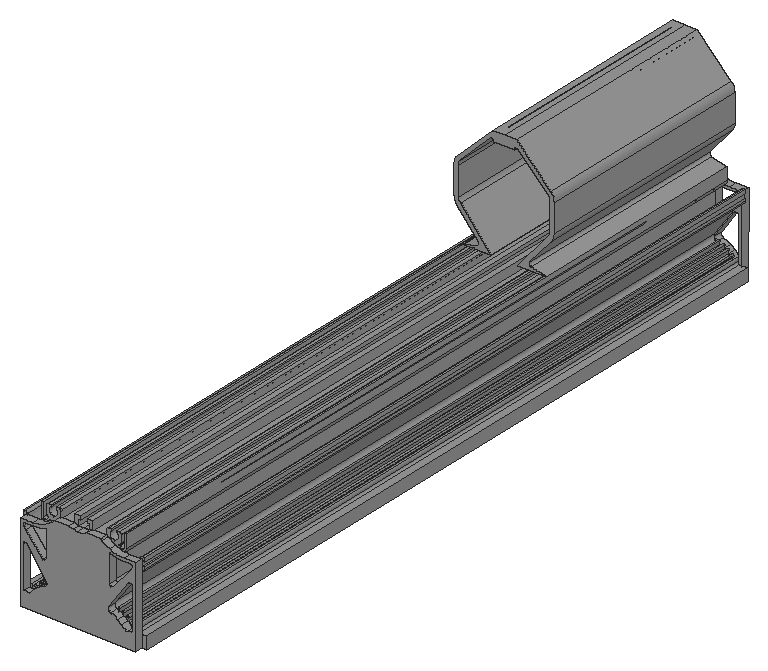
Revit family "L-street 24 Standart", category Осветительные приборы, Revit 2017 (continued)
Types (7, lengths in mm): name | built-in parameter 1150134 | Файл фотометрической сетки | built-in parameter 1150105 | Lumens | built-in parameter 1150106 | built-in parameter 1150142 | Wattage | built-in parameter 1150107 | Артикул
    5.5 180.5 162.1 139.5 116 95.4 81.2 71.4 64.5 58.7 52.6 47.6 44.1 42 40.5 39.4 38.3 37.2 35.9 34.6 33.2 31.7 30.3 28.8 27.5 26.4 25.5 24.9 24.6 24.5 24.4 24.3 24.2 23.9 23.2 22.2 20.9 19.6 18.3 17.1 15.9 14.7 13.7 12.8 11.8 10.8 9.9 8.8 7.8 6.7 5.7 4.6 3.5 2.8 2.5 2.2 2.1 1.9 1.9\r\n328.9 328.8 328 326.8 325.6 323.9 321.9 319.6 317 314.2 311.4 308.7 305.8 302.6 299 294.5 289.6 284.3 279.2 274.1 269.9 266.3 263.1 259.5 255.2 249.8 244 237.6 230.5 222.2 213.2 202.5 190.1 174.5 155.5 132.5 109.6 90.7 78 69.1 62.8 57 50.9 46.2 43.3 41.5 40.3 39.3 38.3 37.1 36 34.8 33.6 31.9 30.3 28.9 27.7 26.6 25.9 25.5 25.4 25.6 25.5 25.2 24.9 24.4 23.8 22.8 21.6 20.2 18.7 17.4 16.1 15 14.1 13.3 12.3 11.2 10.2 9 8 6.9 6 5.1 3.8 3 2.5 2.2 2.1 1.9 1.9\r\n328.9 328.9 328.2 327.1 325.7 324 322.1 319.8 317.3 314.4 311.6 308.9 305.9 302.7 299 294.5 289.5 284.1 278.8 273.5 269 265.2 261.9 258.1 253.6 248.1 242.1 235.5 228.2 219.8 210.5 199.7 186.9 170.9 151.6 128.7 106.5 88.7 77 68.5 62.4 56.6 50.7 46.1 43.2 41.6 40.4 39.5 38.4 37.3 36.1 35 33.7 32 30.4 29 27.9 27 26.4 26.2 26.3 26.2 25.7 25.3 24.9 24.5 23.9 23 21.7 20.3 18.8 17.4 16.1 15.1 14.2 13.3 12.2 11.2 10.1 8.9 7.8 6.6 5.5 4.6 3.7 3 2.6 2.2 2.1 1.9 1.9\r\n328.9 328.9 328.4 327.3 325.8 324.1 322.3 320 317.5 314.7 311.9 309.1 306.1 302.8 299 294.4 289.4 283.8 278.3 272.9 268.2 264.1 260.6 256.7 252 246.4 240.3 233.4 226 217.4 207.9 196.8 183.7 167.4 147.8 124.9 103.3 86.7 75.9 67.9 62 56.3 50.4 46 43.1 41.6 40.5 39.7 38.5 37.5 36.3 35.3 33.8 32.1 30.5 29.2 28.1 27.3 26.9 27 27.1 26.8 26 25.4 25 24.6 24 23.1 21.9 20.4 18.9 17.3 16.1 15.2 14.2 13.2 12.2 11.1 9.9 8.8 7.7 6.3 5 4.1 3.5 3 2.6 2.3 2.1 1.9 1.9\r\n328.9 328.8 328 326.9 325.4 323.7 321.8 319.4 316.9 314 311.2 308.4 305.4 302 298.2 293.5 288.4 282.7 277.2 271.7 267 263.1 259.6 255.6 250.7 244.9 238.7 231.9 224.4 215.9 206.4 195.2 181.8 165.1 144.9 121.7 100.3 84.5 74.4 66.8 61 55.1 49.4 45.3 42.7 41.4 40.3 39.4 38.3 37.2 36.1 35 33.4 31.6 30.1 28.9 27.8 27.2 27 27.1 27.1 26.6 25.8 25.2 24.9 24.6 23.9 23 21.8 20.3 18.7 17.2 15.9 14.9 14 13.1 12 11 9.7 8.5 7.3 6.1 4.7 4 3.4 2.9 2.5 2.2 2.1 2 1.9\r\n328.9 328.5 327.5 326.2 324.6 322.9 320.9 318.6 316 313 310.4 307.9 305.3 302.1 298.2 293.2 287.9 282 276.4 270.7 265.6 261.1 257.3 253.3 249.2 244.1 238.7 232.6 225.9 218.2 209.8 200.4 190.6 178.9 165.2 148.6 130 110.3 93 79.2 69.6 62.4 56.1 49.4 44.1 41.6 40.4 39.7 39 38.2 37.2 36.2 35.2 33.6 31.9 30.4 29.1 28.1 27.3 27 26.9 26.7 26.1 25.2 24.6 24.3 24 23.3 22.2 20.7 19.3 17.8 16.4 15 13.8 13 12.1 11.1 10.2 9.1 8 6.9 5.8 4.8 4.2 3.6 3.2 3 2.7 2.6 2.5\r\n328.9 328.4 327.3 326 324.3 322.5 320.5 318.1 315.4 312.5 309.9 307.4 304.6 301.3 297.2 292.3 287 281.2 275.6 270.1 265.1 260.7 256.8 252.8 248.4 243.2 237.7 231.4 224.4 216.4 207.8 198.1 187.8 175.4 161 143.6 124.8 105.8 89.4 76.7 67.7 60.5 54.2 47.9 43.5 41.4 40.3 39.7 39 38.1 37.2 36.1 35 33.4 31.7 30.3 29.1 28.1 27.4 27.1 27 26.7 26.1 25.3 24.8 24.4 23.9 23.2 22 20.5 19.1 17.7 16.3 14.9 13.9 13 12.1 11.1 10.1 9.1 8 6.9 5.8 4.9 4.3 3.7 3.3 3 2.8 2.6 2.5\r\n328.9 328.2 327.1 325.7 324 322.1 320 317.5 314.8 311.9 309.4 306.9 304 300.5 296.3 291.4 286.2 280.3 274.8 269.4 264.6 260.3 256.3 252.3 247.6 242.3 236.6 230.1 222.9 214.6 205.8 195.8 185 171.9 156.7 138.7 119.7 101.2 85.8 74.2 65.7 58.6 52.2 46.5 43 41.2 40.3 39.7 38.9 38 37.1 36 34.8 33.2 31.5 30.3 29.1 28.2 27.5 27.2 27 26.8 26.1 25.4 24.9 24.5 23.9 23 21.8 20.3 18.9 17.5 16.2 14.9 14 13 12.1 11.1 10.1 9.1 8.1 7 5.8 4.9 4.3 3.7 3.3 3 2.8 2.7 2.5\r\n328.9 328.3 327.3 325.8 324.2 322.3 320.3 317.9 315.2 312.4 309.7 307.2 304.5 301.2 297.2 292.4 287.2 281.6 276.1 270.8 266 261.5 257.7 253.7 249.3 244.2 238.6 232.2 225.2 217.1 208.5 199 188.7 176.4 162.1 145.1 126.5 107.5 90.8 77.6 68.4 61 54.5 48.3 44.1 41.7 40.5 39.7 39 38.2 37.2 36.1 35 33.6 32 30.6 29.3 28.3 27.4 26.9 26.7 26.4 26 25.4 24.9 24.6 24 23.3 22.1 20.7 19.2 17.7 16.4 15 14 13.1 12.2 11.2 10.2 9.2 8.2 7.2 6.2 5.3 4.7 3.9 3.3 2.9 2.7 2.5 2.4\r\n328.9 328.4 327.4 326 324.3 322.5 320.5 318.3 315.6 312.8 310 307.5 304.9 301.9 298 293.4 288.2 282.8 277.4 272.1 267.3 262.8 259.1 255.2 251.1 246.1 240.6 234.4 227.5 219.7 211.3 202.1 192.3 180.9 167.5 151.5 133.3 113.8 95.7 81 71.2 63.5 56.7 50.1 45.2 42.2 40.7 39.8 39.1 38.3 37.2 36.3 35.2 34 32.4 30.9 29.6 28.5 27.4 26.6 26.3 26.1 25.9 25.5 25 24.7 24.2 23.5 22.4 21 19.5 17.9 16.6 15.2 14.1 13.2 12.3 11.3 10.3 9.3 8.4 7.5 6.5 5.8 5 4.1 3.4 2.9 2.6 2.4 2.4\r\n328.9 328.5 327.5 326 324.4 322.6 320.7 318.6 316 313.3 310.5 308 305.6 302.7 299.2 294.9 290.1 285 279.8 274.6 269.8 265.3 261.5 257.8 253.8 249 243.7 237.7 231.2 223.7 215.6 206.5 196.9 185.9 173.2 157.7 140 120.3 101.3 85.2 74 65.7 58.7 51.9 46.6 43.1 41.1 39.9 39.1 38.3 37.2 36.2 35.1 33.9 32.4 31 29.5 28.3 27.2 26.3 25.7 25.4 25.1 24.8 24.6 24.4 24 23.2 22.1 20.8 19.3 17.9 16.5 15.2 13.9 12.9 11.9 11 10.1 9.3 8.6 7.8 6.7 5.8 5 4.1 3.3 2.9 2.6 2.5 2.4\r\n328.9 328.5 327.5 326.1 324.4 322.8 320.9 318.8 316.4 313.8 311 308.5 306.2 303.6 300.5 296.5 292.1 287.1 282.2 277.1 272.3 267.8 264 260.3 256.5 251.9 246.8 241.1 234.9 227.7 219.8 210.9 201.5 191 178.9 164 146.7 126.9 106.9 89.3 76.8 67.9 60.6 53.7 48 43.9 41.5 40 39.1 38.3 37.3 36.1 34.9 33.8 32.4 31.1 29.5 28.1 26.9 26 25 24.6 24.4 24.2 24.2 24.1 23.8 22.9 21.8 20.5 19.2 17.9 16.5 15.3 13.7 12.6 11.5 10.6 9.8 9.3 8.9 8.1 6.8 5.9 4.9 4.1 3.3 2.9 2.7 2.5 2.5\r\n328.9 328.4 327.3 326 324.3 322.6 320.8 318.7 316.4 313.8 311.2 308.8 306.7 304.2 301.3 297.6 293.4 288.7 283.9 279 274.4 270.1 266.3 262.8 259.2 254.8 249.9 244.4 238.4 231.5 223.8 215.2 206.2 196 184.4 170.1 153.6 134.3 114.3 95.5 81.4 71.2 63.5 56.4 50.4 45.7 42.6 40.7 39.6 38.6 37.6 36.3 35.1 33.8 32.4 31.1 29.6 28.3 27.1 26 25 24.3 23.8 23.4 23.2 22.9 22.6 22 21.2 20 18.8 17.4 16.1 15.1 14 13.1 12.3 11.5 10.5 9.7 8.9 8.1 6.9 5.8 4.6 3.9 3.2 2.9 2.8 2.6 2.5\r\n328.9 328.3 327.1 325.8 324.1 322.5 320.7 318.6 316.4 313.8 311.4 309.2 307.1 304.9 302.1 298.7 294.7 290.2 285.7 281 276.6 272.4 268.7 265.3 261.9 257.7 253.1 247.7 242 235.3 227.9 219.6 210.8 201 189.9 176.3 160.5 141.7 121.6 101.8 85.9 74.6 66.3 59.1 52.7 47.5 43.8 41.4 40 38.9 37.9 36.5 35.2 33.8 32.4 31 29.7 28.6 27.2 26.1 24.9 24 23.3 22.6 22.1 21.8 21.4 21.2 20.5 19.5 18.3 16.9 15.7 14.9 14.2 13.6 13.1 12.3 11.2 10 8.9 8.1 7 5.7 4.3 3.7 3.2 3 2.9 2.6 2.6\r\n328.9 328.3 327.2 325.9 324.3 322.7 320.9 319 316.9 314.4 312.1 310 308.1 306.1 303.7 300.8 297.1 292.9 288.6 284.1 279.9 275.8 272.2 268.8 265.6 261.8 257.7 252.8 247.5 241.3 234.6 226.9 218.6 209.2 199 186.4 171.7 154 134.3 113.6 95.5 81.3 71.5 63.4 56.6 50.7 46.2 43.1 41.1 39.6 38.4 36.9 35.4 33.9 32.5 31.1 29.7 28.5 27.4 26.2 25.1 24 23.2 22.3 21.7 21.2 20.8 20.3 19.7 18.9 17.9 16.7 15.8 15.2 14.7 14.4 13.9 13.3 12.3 11.3 10.2 8.7 6.7 5.4 4.3 3.7 3.2 3 2.9 2.7 2.7\r\n328.9 328.4 327.3 326 324.4 322.9 321.1 319.4 317.4 315 312.8 310.8 309.1 307.4 305.4 302.8 299.5 295.5 291.5 287.2 283.3 279.3 275.7 272.3 269.3 266 262.3 257.9 253 247.4 241.2 234.1 226.3 217.5 208 196.5 182.9 166.3 147.1 125.4 105 88.1 76.6 67.8 60.4 53.9 48.7 44.8 42.1 40.3 38.9 37.2 35.6 34.1 32.7 31.2 29.7 28.5 27.5 26.4 25.3 24.1 23.1 22 21.2 20.6 20.1 19.5 18.9 18.2 17.4 16.6 15.9 15.5 15.3 15.1 14.8 14.2 13.5 12.6 11.4 9.4 6.5 5.1 4.3 3.7 3.2 3.1 3 2.8 2.8\r\n328.9 328.3 327.3 326.1 324.5 323.1 321.5 319.9 318 315.9 313.8 311.8 310.2 308.7 307.1 304.9 302 298.5 294.9 291.1 287.4 283.8 280.3 277.1 274.1 271 267.8 263.9 259.6 254.7 249.2 243.1 236.3 228.6 220.2 209.9 197.9 183.1 166 145.9 125.1 104.9 88.8 76.6 67.5 59.9 53.7 48.7 45.1 42.3 40.2 38.2 36.2 34.5 33 31.5 30.1 28.7 27.5 26.3 25.2 24.1 23 21.9 21.1 20.5 20 19.5 18.9 18.2 17.3 16.6 16 15.7 15.4 15.1 14.9 14.4 13.5 12.1 10 8 6.1 4.8 4.1 3.6 3.2 3.1 2.9 2.8 2.7\r\n328.9 328.2 327.4 326.1 324.6 323.3 321.8 320.3 318.6 316.8 314.8 312.8 311.3 310.1 308.8 306.9 304.5 301.5 298.2 294.9 291.5 288.2 285 281.8 278.9 276.1 273.3 270 266.3 261.9 257.2 252 246.3 239.7 232.4 223.4 212.9 199.9 184.8 166.5 145.2 121.8 101 85.3 74.6 66 58.7 52.7 48 44.3 41.6 39.1 36.8 34.9 33.4 31.8 30.4 28.9 27.5 26.3 25.1 24.1 22.8 21.8 20.9 20.4 19.9 19.4 18.9 18.1 17.3 16.7 16.2 15.8 15.4 15.2 15 14.6 13.6 11.7 8.6 6.6 5.6 4.6 3.8 3.4 3.2 3 2.9 2.7 2.6\r\n328.9 328.3 327.4 326.2 324.8 323.4 322 320.6 319 317.4 315.6 313.9 312.5 311.5 310.4 308.9 306.9 304.4 301.6 298.6 295.6 292.6 289.8 286.9 284.2 281.5 279 276.2 273.3 269.9 266.1 262 257.3 251.7 245.1 237 227.8 216.7 204.1 188.6 170.2 148.3 126.2 105.7 89.6 77.4 68.1 60.4 54.4 49.5 45.8 42.4 39.3 36.7 34.7 32.8 31.2 29.8 28.4 27 25.7 24.5 23.2 22.1 21.1 20.5 19.9 19.4 18.9 18.2 17.5 16.7 16 15.5 15 14.6 14.2 13.4 11.8 9.7 7.6 6.3 5.3 4.5 3.8 3.6 3.4 3.2 3 3 2.8\r\n328.9 328.3 327.4 326.2 324.9 323.6 322.2 320.9 319.5 318 316.4 315 313.8 312.9 312.1 310.8 309.3 307.3 304.9 302.3 299.6 297 294.5 292 289.5 287 284.7 282.4 280.3 277.8 275.1 271.9 268.3 263.8 257.9 250.7 242.6 233.5 223.3 210.6 195.1 174.9 151.4 126.1 104.5 88.7 77.6 68.2 60.9 54.7 49.9 45.6 41.7 38.6 36 33.8 32 30.6 29.3 27.7 26.2 24.8 23.6 22.4 21.3 20.5 19.8 19.4 18.9 18.4 17.7 16.7 15.8 15.2 14.6 14 13.3 12.2 9.9 7.6 6.6 5.9 5 4.3 3.8 3.7 3.5 3.3 3.2 3.2 3\r\n328.9 328.3 327.4 326.3 325 323.7 322.5 321.2 320 318.6 317.3 316.1 315 314.2 313.4 312.5 311.4 309.9 307.9 305.7 303.4 301 298.8 296.6 294.4 292.1 289.9 288.1 286.4 284.6 282.4 279.7 276.6 272.6 267.4 261 253.8 245.6 236.3 224.9 211.2 193.4 172.2 147.7 123.9 103.1 87.6 76 67.4 60.2 54.5 49.3 44.7 41 37.8 35.2 33 31.4 30 28.5 27.2 25.8 24.4 23.1 21.8 20.9 20.1 19.4 18.7 18.1 17.5 16.5 15.5 14.7 13.9 13.1 11.9 10.4 8.7 7.1 6.1 5.4 4.6 4.1 3.7 3.6 3.4 3.2 3.2 3.1 3\r\n328.9 328.3 327.3 326.3 325 323.9 322.8 321.6 320.6 319.3 318.3 317.2 316.3 315.4 314.8 314.2 313.5 312.4 310.9 309.1 307.1 305 303.1 301.2 299.3 297.1 295.2 293.7 292.5 291.3 289.7 287.5 284.9 281.3 276.8 271.4 265 257.6 249.3 239.1 227.3 211.9 193 169.4 143.3 117.6 97.7 83.8 73.9 65.8 59 53 47.7 43.4 39.6 36.7 34.1 32.2 30.6 29.4 28.2 26.8 25.2 23.7 22.3 21.3 20.3 19.4 18.5 17.8 17.3 16.4 15.2 14.2 13.3 12.2 10.5 8.6 7.4 6.5 5.7 4.9 4.2 3.8 3.5 3.4 3.3 3.1 3.1 3 2.9\r\n328.9 328.3 327.4 326.4 325.2 324.1 323.1 322.1 321.2 320.1 319.3 318.4 317.7 317 316.6 316.2 315.9 315.2 314.4 313 311.5 309.9 308.3 306.8 305.2 303.5 302.1 300.8 299.7 298.6 297.2 295.3 292.9 289.7 285.7 281.1 276 270 263.3 255 245.6 233.5 218.8 200 177.9 153.4 130.2 109.4 92.8 80.1 70.9 63 56.2 50.5 45.6 41.7 38.3 35.6 33.4 31.6 29.9 28.4 26.9 25.3 23.8 22.3 21 19.8 18.6 17.6 16.7 15.6 14.5 13.5 12.3 10.9 9.4 8.1 7 6.3 5.4 4.7 4.1 3.8 3.5 3.4 3.3 3.2 3.1 3 2.8\r\n328.9 328.3 327.4 326.4 325.4 324.3 323.4 322.5 321.8 320.9 320.3 319.7 319.1 318.5 318.3 318.2 318.2 318.1 317.8 317 315.9 314.8 313.6 312.3 311.2 309.9 308.9 307.9 306.9 305.9 304.7 303.1 301 298.1 294.6 290.8 286.9 282.5 277.3 270.8 263.9 255.2 244.7 230.6 212.5 189.1 162.7 134.9 111.7 94.5 82.7 73 64.7 57.6 51.6 46.8 42.5 39.1 36.2 33.7 31.7 30.1 28.6 26.9 25.2 23.3 21.7 20.2 18.8 17.3 16.1 14.8 13.8 12.7 11.4 9.7 8.2 7.5 6.7 6 5.1 4.5 4 3.7 3.5 3.4 3.3 3.2 3 2.9 2.7\r\n328.9 328.3 327.5 326.5 325.6 324.6 323.8 323 322.4 321.8 321.3 320.8 320.5 320.2 320.1 320.1 320.3 320.4 320.5 320.3 319.8 319.2 318.4 317.6 316.8 316 315.3 314.6 313.6 312.5 311.3 309.7 308.1 306.1 303.8 301.2 298.2 294.8 290.9 286.1 280.7 273.9 265.8 255.1 241.4 223 201.1 175.6 150.5 127.1 107.9 92.1 79.9 70.7 62.9 56.5 51 46.3 42.3 38.9 35.9 33.5 31.4 29.3 27.4 25.4 23.4 21.5 19.6 17.9 16.4 14.9 13.5 12.2 10.7 9.2 8 7.3 6.5 5.8 5 4.4 4 3.7 3.5 3.4 3.2 3.1 3.1 2.9 2.7\r\n328.9 328.3 327.5 326.5 325.7 324.8 324.2 323.4 323 322.6 322.2 322 322 321.8 321.8 322 322.3 322.8 323.3 323.7 323.7 323.6 323.3 322.8 322.4 322 321.7 321.3 320.4 319.2 317.8 316.4 315.1 314.1 313 311.5 309.4 307.1 304.5 301.5 297.5 292.5 286.9 279.6 270.3 256.9 239.5 216.4 189.4 159.8 133 111.1 95.1 83.7 74.1 66.2 59.4 53.5 48.3 44 40.1 36.9 34.1 31.7 29.6 27.5 25.2 22.8 20.5 18.5 16.7 15 13.2 11.6 10 8.6 7.8 7.1 6.3 5.6 4.9 4.3 4 3.7 3.5 3.4 3.2 3.1 3.1 2.9 2.8\r\n328.9 328.3 327.5 326.7 325.9 325.2 324.5 323.9 323.6 323.4 323.2 323.2 323.3 323.4 323.6 323.9 324.4 325 325.8 326.6 327.2 327.7 328.1 328.2 328.3 328.2 328.2 328 327.5 326.6 325.7 324.7 323.8 322.9 322.2 321.6 320.8 319.8 318.3 316.3 313.8 310.2 306.1 300.8 294 284.6 272.4 256 236.1 212.2 187.5 162.7 139.2 118.7 101.4 88.7 78.9 70.9 63.7 57.4 51.7 46.9 42.7 39.2 36.1 33.2 30.4 27.8 25.1 22.3 19.4 16.8 14.5 12.4 10.5 8.9 7.9 7.1 6.3 5.6 4.9 4.5 4.1 3.9 3.6 3.5 3.3 3.1 3.1 3 2.8\r\n328.9 328.3 327.6 326.8 326.1 325.5 324.8 324.4 324.2 324.1 324.1 324.3 324.6 325 325.3 325.8 326.4 327.3 328.4 329.6 330.7 331.8 332.9 333.7 334.2 334.4 334.6 334.6 334.5 334.1 333.6 333 332.4 331.8 331.3 331.6 332.2 332.4 332.1 331.2 330 327.9 325.3 322 317.7 312.2 305.2 295.6 282.7 264.7 242.1 214.3 183.2 153.7 128.6 111.1 98.4 88.2 79 70.7 63.4 57 51.4 46.8 42.7 38.9 35.6 32.7 29.8 26.2 22.1 18.6 15.7 13.2 11.1 9.2 7.9 7.2 6.3 5.5 5 4.6 4.2 4 3.8 3.6 3.4 3.2 3.1 3 2.8\r\n328.9 328.3 327.6 326.9 326.3 325.7 325.2 324.9 324.8 324.9 325 325.4 326 326.6 327.2 327.9 328.7 329.8 331 332.6 334.1 335.5 337 338.3 339.4 340.2 341 341.5 341.9 341.9 341.8 341.8 341.8 341.7 341.7 342.2 343 343.7 344.4 345.1 345.4 345 343.8 342.1 339.5 336.2 332 326 317.8 306.3 291.8 272.9 250.1 225.3 199.7 176 153.2 132.7 115.4 102.1 91 81.4 73 66.1 60 54.7 49.9 45.4 40.9 37.4 33.4 27.5 20.8 15.8 12.1 9.5 8.1 7.3 6.3 5.6 5.1 4.7 4.4 4.1 3.9 3.7 3.5 3.3 3.1 3 2.7\r\n328.9 328.2 327.6 327 326.5 326 325.6 325.4 325.5 325.6 325.9 326.5 327.4 328.1 329.1 330 331 332.3 333.7 335.5 337.4 339.2 341.1 342.9 344.6 346.1 347.5 348.4 349.2 349.6 349.9 350.6 351.2 351.6 352.1 352.8 353.7 354.9 356.8 359 360.9 362.1 362.4 362.1 361.3 360.3 358.8 356.4 352.9 348 341.5 331.6 316.9 296.9 270.9 241 207.9 177.1 151.8 133.4 118.6 105.9 94.6 85.5 77.4 70.4 64.2 58.1 52 48.5 44.8 36.4 26 18.3 13.2 9.7 8.3 7.3 6.4 5.7 5.3 4.9 4.6 4.3 4.1 3.8 3.5 3.3 3.2 3 2.7\r\n328.9 328.3 327.7 327.2 326.8 326.4 326.2 326.3 326.5 326.9 327.5 328.4 329.4 330.3 331.5 332.7 334.1 335.7 337.3 339.3 341.4 343.4 345.5 347.5 349.5 351.4 353.2 354.6 355.8 356.9 357.9 359.1 360.2 361.2 362.3 363.5 364.9 366.5 368.5 370.5 372.5 374.4 376.3 378.1 379.5 380.6 381.1 380.8 379.8 377.7 374.3 368.4 359.1 345.9 327.7 304.5 276.1 244.7 213.5 184.8 160.1 139.8 123.9 110.7 99.4 89.4 80.7 71.9 63.8 57.1 47.7 34.1 23.6 16.2 11.8 9.4 8.2 7.2 6.4 5.9 5.4 5.1 4.8 4.4 4.1 3.9 3.6 3.4 3.3 2.9 2.6\r\n328.9 328.4 327.8 327.4 327 326.9 326.9 327.2 327.6 328.2 329.1 330.2 331.3 332.5 334 335.4 337.2 339 341 343.1 345.3 347.6 349.9 352 354.4 356.8 359 360.8 362.5 364.2 365.9 367.5 369.2 370.8 372.5 374.2 376.1 378 380.1 382 384 386.7 390.2 394.1 397.7 400.9 403.4 405.2 406.6 407.4 407 405.2 401.4 394.8 384.5 368.1 344.3 312.2 275.1 236.1 201.6 173.7 153.2 135.9 121.4 108.5 97.3 85.7 75.7 65.8 50.7 31.8 21.2 14.2 10.5 9.1 8.1 7.1 6.5 6 5.6 5.2 4.9 4.5 4.2 4 3.7 3.5 3.3 2.8 2.6\r\n328.9 328.4 328 327.6 327.4 327.3 327.5 327.8 328.4 329.1 330.1 331.2 332.5 333.9 335.4 337.2 339.2 341.2 343.4 345.6 347.9 350.2 352.5 354.9 357.5 360.1 362.7 365 367.3 369.6 372.1 374.5 376.9 379.4 381.9 384.5 387.2 389.9 392.3 394.5 396.5 399.1 402.4 406.4 411 415.7 420.8 426.1 431.7 436.7 440.9 444 445.9 446.2 443.7 437 425.2 407 383.2 354.1 322 286.4 250 212.6 180.4 154.2 132.7 112.6 94.8 76.3 53.5 33.6 22.7 15 11.3 9.9 8.7 7.7 7.1 6.6 6.1 5.7 5.4 4.9 4.6 4.3 4.1 3.9 3.6 3 2.6\r\n328.9 328.5 328.1 327.8 327.8 327.7 328 328.4 329.1 330 331.1 332.3 333.7 335.2 336.9 338.9 341.2 343.5 345.8 348.1 350.4 352.8 355.2 357.7 360.5 363.5 366.3 369.1 372 375.1 378.2 381.4 384.6 387.9 391.4 394.8 398.4 401.7 404.6 406.9 409 411.5 414.6 418.7 424.3 430.5 438.2 447.1 456.7 466 474.8 482.9 490.5 497.5 502.8 506 506 501.8 491.4 472.1 442.3 399.1 346.7 289.2 239.4 199.9 168.1 139.5 114 86.9 56.3 35.4 24.2 15.9 12.1 10.6 9.4 8.3 7.7 7.1 6.6 6.2 5.8 5.3 4.9 4.6 4.4 4.2 3.8 3.1 2.7\r\n328.9 328.5 328.2 328 328 328.1 328.4 329 329.8 330.8 331.9 333.2 334.6 336.2 338.1 340.3 342.7 345.1 347.5 349.9 352.3 354.8 357.2 359.8 362.8 365.8 368.8 371.8 375.1 378.5 382.1 386
